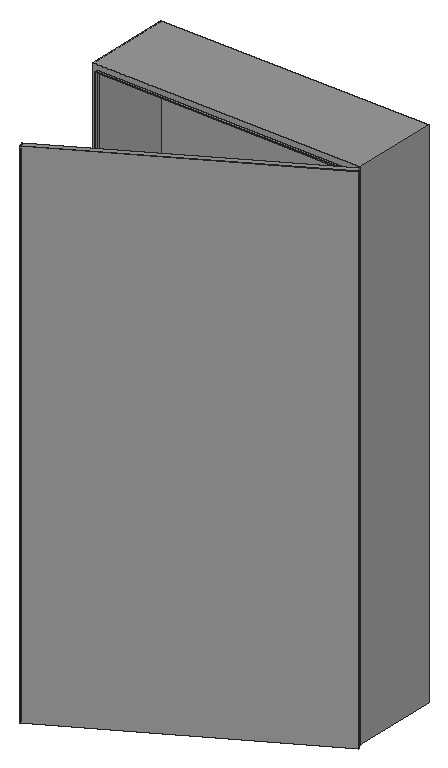
Revit family "Hager-Univers-IP55-D275-H1550-Cl.I-Steel_encl-NoHosted-CH-fr", category Electrical Equipment, Revit 2020
Family settings
  Panel Configuration = Two Columns, Circuits Across
  Round Connector Dimension = Use Diameter
  Part Type = Panelboard
  Work Plane-Based = Yes
  Always vertical = Yes
  Cut with Voids When Loaded = No
  Shared = No
  Room Calculation Point = No
Parameters (values of type "saillie IP55 L800 H1550 P275  - FR03E")
  Width Control [instance] = if([EF000008 - largeur] > Min Width, [EF000008 - largeur], Min Width)  # 800 mm
  Type Comments = [HG000003 - Gamme]  # "Univers"
  Thickness Door [instance] = if([EF009171 - épaisseur de matériau de la porte/du couvercle] > 3 mm, 3 mm, [EF009171 - épaisseur de matériau de la porte/du couvercle])  # 1.5 mm
  Seal Frame Offset [instance] = 17 mm  # constant formula
  Plinth Visibility [instance] = [HG000027 - Hauteur du socle] > 0 mm  # no
  Min Width [instance] = 100 mm  # constant formula
  Min Depth [instance] = (2 * [EF009170 - épaisseur de matériau du boîtier]) + 1 mm  # 4 mm
  Min Height [instance] = 100 mm  # constant formula
  Internal Frame Depth [instance] = (Door System Depth * 0.5)  # 9 mm
  Panel Name [instance] = ""  # (empty or 0)
  Model = ""
  HG000027 - Hauteur du socle = 0 mm
  HG000026 - Installation au sol = no
  HG000024 - Hauteur de la section basse = 600 mm
  HG000023 - Armoire double section = no
  HG000016 - Visibilité de la porte 3D [instance] = yes
  HG000015 - Visibilité de l'emprise de la porte [instance] = no
  HG000014 - Porte à droite [instance] = yes
  HG000013 - Porte à gauche [instance] = not([HG000014 - Porte à droite])  # no
  HG000012 - Angle de pivotement de la porte [instance] = 30.00°
  HG000010 - Portes asymétriques = no
  HG000009 - Porte à double battant = no
  HG000006 - Encastré = no
  HG000004 - Référence fabricant = "FR03E"
  HG000003 - Gamme = "Univers"
  HG000002 - avec porte = yes
  Frame Offset Bottom [instance] = 10 mm  # constant formula
  Frame Offset [instance] = 15 mm  # constant formula
  EF015940 - couvercle avec décharge de pression = no
  EF011959 - degré de protection (NEMA) = ""
  EF009554 - nombre d'ouvertures pour plaques à bride = 6
  EF009212 - finition du couvercle = "EV000116 - fermé"
  EF009171 - épaisseur de matériau de la porte/du couvercle = 1.5 mm
  EF009170 - épaisseur de matériau du boîtier = 1.5 mm
  EF008873 - courant nominal (In) = 800 A
  EF007800 - adapté à un parafoudre = no
  EF006306 - avec serrure = no
  EF006244 - couvercle/porte transparent(e) = no
  EF005474 - indice de protection (IP) = "EV006420 - IP55"
  EF004464 - type de porte = "EV002646 - unique"
  EF004427 - nombre de modules = 360
  EF004293 - indice de protection contre les chocs (IK) = "EV008784 - IK10"
  EF003532 - convient pour utilisation à l’extérieur = no
  EF002950 - largeur en nombre de modules = 24
  EF001613 - maintien de fonction = "EV000494 - sans"
  EF001596 - matériau du boîtier/corps = "EV000179 - acier"
  EF001131 - profondeur intérieure = 275 mm
  EF001088 - possibilité de montage en saillie = yes
  EF000437 - nombre d'entrées de conduit = 6
  EF000339 - type de capot = "EV004216 - porte"
  EF000266 - nombre de rangées = 10
  EF000218 - profondeur d'encastrement = 0 mm
  EF000118 - avec cadre/support de montage = no
  EF000116 - numéro RAL = "7035"
  EF000049 - profondeur = 275 mm
  EF000040 - hauteur = 1550 mm
  EF000008 - largeur = 800 mm
  EF000007 - couleur = "EV000270 - gris"
  EF000003 - mode de pose = "EV000384 - saillie"
  Door System Leaf Tolerance [instance] = 1.5 mm  # constant formula
  Door System Depth [instance] = 18 mm  # constant formula
  Door Height [instance] = Height Control - [HG000027 - Hauteur du socle]  # 1550 mm
  Description = ""
  Default Elevation = 1219.2 mm
  Connector Offset [instance] = Height Control / 2  # 775 mm
  Manufacturer = "Hager"  # constant formula
  Height Control [instance] = if([EF000040 - hauteur] > Min Height, [EF000040 - hauteur], Min Height)  # 1550 mm
  Depth Control [instance] = if([EF000049 - profondeur] > Min Depth, [EF000049 - profondeur], Min Depth)  # 275 mm
  Bottom Top Plate Trim [instance] = 1.5 mm  # constant formula
  Plinth height Ctrl [instance] = if([HG000027 - Hauteur du socle] > 0 mm, [HG000027 - Hauteur du socle], 12 mm)  # 12 mm
Types (5, lengths in mm): name | Width Control | HG000010 - Portes asymétriques | HG000009 - Porte à double battant | HG000004 - Référence fabricant | EF009554 - nombre d'ouvertures pour plaques à bride | EF004464 - type de porte | EF004427 - nombre de modules | EF000437 - nombre d'entrées de conduit | EF000008 - largeur
  saillie IP55 L1050 H1550 P275  - FR04E | 1050 | no | yes | "FR04E" | 8 | "EV003602 - double" | 480 | 8 | 1050
  saillie IP55 L1300 H1550 P275  - FR05E | 1300 | yes | yes | "FR05E" | 10 | "EV003602 - double" | 600 | 10 | 1300
  saillie IP55 L300 H1550 P275  - FR01E | 300 | no | no | "FR01E" | 2 | "EV002646 - unique" | 120 | 2 | 300
  saillie IP55 L550 H1550 P275  - FR02E | 550 | no | no | "FR02E" | 4 | "EV002646 - unique" | 240 | 4 | 550
  saillie IP55 L800 H1550 P275  - FR03E | 800 | no | no | "FR03E" | 6 | "EV002646 - unique" | 360 | 6 | 800
Reference planes
  plane 1 "Center (Front/Back)": y = 0
  plane 2: z = 0
  plane 3 "Center (Left/Right)": x = 0
  plane 4: y = 0
  plane 5: y = 0
  plane 6: z = 0
  plane 7: x = -400
  plane 8: x = 400
  plane 9: x = 398.5
  plane 10: x = -398.5
  plane 11: z = 0
  plane 12: z = 1.5
  plane 13: y = -275
  plane 14: y = -1.5
  plane 15: x = 0
  plane 16: y = -257
  plane 17: y = -273.5
  plane 18: y = -255.5
  plane 19: x = -383.5
  plane 20: x = 383.5
  plane 21: z = 11.5
  plane 22: x = -383
  plane 23: x = 383
  plane 24: z = 0
  plane 25: z = 1550
  plane 26: z = 1550
  plane 27: z = 1533.5
  plane 28: z = 1548.5
Forms (mm)
  Extrusion 1, solid, material "Hager_Steel_RAL7035_Light_Grey", detail levels medium+fine
    sketch origin (-208.679, -4572, 0) x (-1, 0, 0) y (0, -1, 0)
      loop
        line (191.321, -4315) -> (-608.679, -4315) -> (-608.679, -4572) -> (191.321, -4572) -> (191.321, -4315)
    from 0 to 1550
  Extrusion 2, void
    sketch origin (-350.771, -275, 1219.2) x (1, 0, 0) y (0, 0, 1)
      loop
        line (-47.729, 329.3) -> (-47.729, -1217.7) -> (749.271, -1217.7) -> (749.271, 329.3) -> (-47.729, 329.3)
    from -19.5 to -273.5
  Extrusion 3, void
    sketch origin (-290.084, -257, 1219.2) x (1, 0, 0) y (0, 0, 1)
      loop
        line (-93.416, -1207.7) -> (673.584, -1207.7) -> (673.584, 314.3) -> (-93.416, 314.3) -> (-93.416, -1207.7)
    from 0 to -1.5
  Extrusion 4, solid, material "Hager_Steel_RAL7035_Light_Grey", visible <- "Plinth Visibility", detail levels medium+fine
    sketch origin (0, 0, 0) x (1, 0, 0) y (0, 1, 0)
      loop
        line (-400, 0) -> (-400, -257) -> (400, -257) -> (400, 0) -> (-400, 0)
    from 0 to 12 <- "Plinth height Ctrl"
  Extrusion 5, solid, material "Hager_Steel_RAL7035_Light_Grey", detail levels coarse
    sketch origin (0, 0, 0) x (1, 0, 0) y (0, 1, 0)
      loop
        line (-400, 0) -> (-400, -275) -> (400, -275) -> (400, 0) -> (-400, 0)
    from 0 to 1550 <- "Height Control"
  Sweep 6, void
    path in 3D
      loop
        line (-400, -257, 12) -> (400, -257, 12) -> (400, 0, 12) -> (-400, 0, 12) -> (-400, -257, 12)
    profile origin (-400, -128.5, 12) x (1, 0, 0) y (0, 0, 1)
      loop
        line (0, 0) -> (0, -1.5) -> (1.5, -1.5)
        arc (1.5, -1.5) -> (1.061, -0.439) -> (0, 0) r 1.5
  Extrusion 7, solid, material "Hager_Steel_RAL7035_Light_Grey", detail levels fine
    sketch origin (-400, -257, 0) x (1, 0, 0) y (0, 0, 1)
      loop
        line (16.5, 11.5) -> (783.5, 11.5) -> (783.5, 1533.5) -> (16.5, 1533.5) -> (16.5, 11.5)
      loop
        line (15, 10) -> (785, 10) -> (785, 1535) -> (15, 1535) -> (15, 10)
    from 0 to 9 <- "Internal Frame Depth"
Cuts and joins
  Extrusion 2, Extrusion 3 cuts Extrusion 1
  Sweep 6 cuts Extrusion 4
Lines and regions (mm)
  Masking region 1
    outline origin (0, 0, 0) x (1, 0, 0) y (0, 1, 0)
      loop
        line (-400, 0) -> (-400, -275) -> (400, -275) -> (400, 0) -> (-400, 0)
  Masking region 2, detail levels coarse
    outline origin (-290.084, -257, 1219.2) x (-1, 0, 0) y (0, 0, 1)
      loop
        line (-690.084, -1219.2) -> (109.916, -1219.2) -> (109.916, 330.8) -> (-690.084, 330.8) -> (-690.084, -1219.2)
  Masking region 3, detail levels coarse
    outline origin (0, 0, 0) x (0, 1, 0) y (0, 0, 1)
      loop
        line (0, 0) -> (0, 1550) -> (-275, 1550) -> (-275, 0) -> (0, 0)
  Masking region 4, visible <- "Plinth Visibility", detail levels medium+fine
    outline origin (0, 0, 0) x (0, 1, 0) y (0, 0, 1)
      loop
        line (-1.5, 12) -> (-255.5, 12)
        arc (-255.5, 12) -> (-255.939, 10.939) -> (-257, 10.5) r 1.5
        line (-257, 10.5) -> (-257, 0) -> (0, 0) -> (0, 10.5)
        arc (0, 10.5) -> (-1.061, 10.939) -> (-1.5, 12) r 1.5
  Masking region 5, detail levels medium+fine
    outline origin (0, 0, 594.038) x (0, 1, 0) y (0, 0, 1)
      loop
        line (0, -594.038) -> (0, 955.962) -> (-257, 955.962) -> (-257, -594.038) -> (0, -594.038)
  Masking region 6, detail levels medium+fine
    outline origin (-359.7, -257, 1211.883) x (-1, 0, 0) y (0, 0, 1)
      loop
        line (-759.7, -1211.883) -> (40.3, -1211.883) -> (40.3, 338.117) -> (-759.7, 338.117) -> (-759.7, -1211.883)
  Masking region 7, visible <- "Plinth Visibility", detail levels medium+fine
    outline origin (-320.334, -257, 1041.368) x (-1, 0, 0) y (0, 0, 1)
      loop
        line (-720.334, -1041.368) -> (79.666, -1041.368) -> (79.666, -1030.868)
        arc (79.666, -1030.868) -> (78.606, -1030.429) -> (78.166, -1029.368) r 1.5
        line (78.166, -1029.368) -> (-718.834, -1029.368)
        arc (-718.834, -1029.368) -> (-719.273, -1030.429) -> (-720.334, -1030.868) r 1.5
        line (-720.334, -1030.868) -> (-720.334, -1041.368)
  sketch lines
    curve 1: line (-400, 0, 12) -> (-400, -257, 12)
    curve 2: line (-400, -257, 12) -> (400, -257, 12)
    curve 3: line (400, 0, 12) -> (-400, 0, 12)
    curve 4: line (400, -257, 12) -> (400, 0, 12)
Dimensions and locks
  locked: plane 1 "Center (Front/Back)" to plane 5
  "EF009170 - épaisseur de matériau du boîtier": plane 7 to plane 10
  "EF009170 - épaisseur de matériau du boîtier": plane 8 to plane 9
  equal spacing: plane 7, plane 3 "Center (Left/Right)", plane 8
  "Width Control": plane 7 to plane 8
  "Depth Control": plane 4 to plane 13
  "EF009170 - épaisseur de matériau du boîtier": plane 4 to plane 14
  "Height Control": plane 25 to level
  "HG000027 - Hauteur du socle": plane 11 to level
  "EF009170 - épaisseur de matériau du boîtier": plane 12 to plane 11
  "EF009170 - épaisseur de matériau du boîtier": plane 17 to plane 13
  "EF009170 - épaisseur de matériau du boîtier": plane 18 to plane 16
  "Frame Offset Bottom": plane 21 to plane 12
  "Frame Offset": plane 10 to plane 19
  "Frame Offset": plane 9 to plane 20
  "Door System Depth": plane 16 to plane 13
  "Seal Frame Offset": plane 7 to plane 22
  "Seal Frame Offset": plane 8 to plane 23
  "EF009170 - épaisseur de matériau du boîtier": plane 26 to plane 28
  "Frame Offset": plane 28 to plane 27
  "Connector Offset": plane 2 to connector elem
  "Bottom Top Plate Trim": profile plane to Sweep 6 sketch curve
  "Bottom Top Plate Trim": Sweep 6 sketch curve to Sweep 6 sketch curve
  "Plinth height Ctrl": Masking region 4 sketch curve to level
  "Plinth height Ctrl": Masking region 7 sketch curve to level
  "Thickness Door": Extrusion 7 sketch curve to Extrusion 7 sketch curve  (x4)
  "Bottom Top Plate Trim": radius of Sweep 6 sketch curve
  "Bottom Top Plate Trim": radius of Masking region 4 sketch curve  (x2)
  "Bottom Top Plate Trim": radius of Masking region 7 sketch curve  (x2)
  aligned and locked: Extrusion 2 sketch curve to plane 12
  aligned and locked: Extrusion 2 sketch curve to plane 9
  aligned and locked: Extrusion 2 sketch curve to plane 10
  aligned and locked: Extrusion 2 to plane 14
  aligned and locked: Extrusion 1 sketch curve to plane 4
  aligned and locked: plane 8 to Extrusion 1 sketch curve
  aligned and locked: plane 7 to Extrusion 1 sketch curve
  aligned and locked: Extrusion 2 to plane 18
  aligned and locked: Extrusion 3 sketch curve to plane 19
  aligned and locked: plane 20 to Extrusion 3 sketch curve
  aligned and locked: Extrusion 3 to Extrusion 2
  aligned and locked: Extrusion 3 sketch curve to plane 21
  aligned and locked: plane 3 "Center (Left/Right)" to nested 1
  aligned and locked: Extrusion 1 sketch curve to plane 16
  aligned and locked: Extrusion 4 sketch curve to cut or joined group of Extrusion 1, Extrusion 2, Extrusion 3
  aligned and locked: Masking region 1 sketch curve to plane 7
  aligned and locked: Masking region 1 sketch curve to plane 5
  aligned and locked: Masking region 1 sketch curve to plane 8
  aligned and locked: Masking region 2 sketch curve to level
  aligned and locked: level to Masking region 3 sketch curve
  aligned and locked: plane 1 "Center (Front/Back)" to Masking region 3 sketch curve
  aligned and locked: plane 13 to Masking region 3 sketch curve
  aligned and locked: plane 5 to Masking region 4 sketch curve
  aligned and locked: Masking region 2 sketch curve to plane 8
  aligned and locked: Masking region 2 sketch curve to plane 7
  aligned and locked: plane 7 to nested 2
  aligned and locked: nested 2 to plane 5
  aligned and locked: plane 5 to Masking region 5 sketch curve
  aligned and locked: plane 26 to Masking region 5 sketch curve
  aligned and locked: Extrusion 5 sketch curve to plane 8
  aligned and locked: Extrusion 5 sketch curve to plane 7
  aligned and locked: Extrusion 5 sketch curve to plane 5
  aligned and locked: Extrusion 3 sketch curve to plane 27
  aligned and locked: Extrusion 2 sketch curve to plane 28
  aligned and locked: Masking region 2 to plane 25
  aligned and locked: Extrusion 4 to plane 16
  aligned and locked: profile plane to Sweep 6 sketch curve
  aligned and locked: Masking region 5 sketch curve to plane 24
  aligned and locked: level to Masking region 4 sketch curve
  aligned and locked: Masking region 1 to plane 13
  aligned and locked: nested 1 to plane 16
  aligned and locked: Masking region 3 to plane 25
  aligned and locked: plane 16 to Masking region 4 sketch curve
  aligned and locked: Masking region 5 sketch curve to plane 16
  aligned and locked: plane 24 to plane 11
  aligned and locked: plane 26 to plane 25
  aligned and locked: plane 26 to cut or joined group of Extrusion 1, Extrusion 2, Extrusion 3
  aligned and locked: nested 1 to plane 24
  aligned and locked: Extrusion 1 to Extrusion 3
  aligned and locked: Masking region 6 sketch curve to plane 8
  aligned and locked: Masking region 6 sketch curve to plane 24
  aligned and locked: Masking region 6 sketch curve to plane 7
  aligned and locked: Masking region 6 sketch curve to plane 26
  aligned and locked: Masking region 7 sketch curve to plane 7
  aligned and locked: level to Masking region 7 sketch curve
  aligned and locked: Masking region 7 sketch curve to plane 8
  aligned and locked: Extrusion 7 sketch curve to cut or joined group of Extrusion 1, Extrusion 2, Extrusion 3  (x4)
Automatic sketch dimensions
  plane 19 to Extrusion 3 sketch curve = 0 mm
  Extrusion 3 sketch curve to plane 20 = 0 mm
  Extrusion 3 sketch curve to plane 21 = 0 mm
  Extrusion 4 sketch curve to plane 7 = 0 mm
  Extrusion 4 sketch curve to plane 8 = 0 mm
  Extrusion 4 sketch curve to plane 16 = 0 mm
  Masking region 1 sketch curve to plane 13 = 0 mm
  Masking region 2 sketch curve to plane 25 = 0 mm
  Masking region 3 sketch curve to plane 25 = 0 mm
  Extrusion 5 sketch curve to plane 13 = 0 mm
  profile plane to Sweep 6 sketch curve = 0 mm
Nested families
  nested 1: "EC000058_Univers_Door" at (0, -257, 0), Double <- "HG000009 - Porte à double battant", Transparent <- "EF006244 - couvercle/porte transparent(e)", Angle <- "HG000012 - Angle de pivotement de la porte", Door_Right <- "HG000014 - Porte à droite", Assymetrical <- "HG000010 - Portes asymétriques", Door <- "HG000002 - avec porte", Width_Ctrl <- "Width Control", 3d_Door <- "HG000016 - Visibilité de la porte 3D", Clearance <- "HG000015 - Visibilité de l'emprise de la porte", Door_Left <- "HG000013 - Porte à gauche", Width <- "Width Control", Door_Depth <- "Door System Depth", Leaf_Tolerance <- "Door System Leaf Tolerance", Height <- "Door Height", Lock_Visibility <- "EF006306 - avec serrure", Thickness <- "Thickness Door", type "EC000058_Univers_Door", detail levels medium+fine
    with min_wh 4 mm, Width_Ctrl 800 mm, Width 800 mm, Transparent no, Thickness 1.5 mm, Seal_Material Hager_Rubber, Lock_Visibility no, Lock_Material Hager_Plastic_RAL9005_Jet_Black, Leaf_Width 800 mm, Leaf_Tolerance_External_Sides 0 mm, Leaf_Tolerance 1.5 mm, Leaf_Offset 0 mm, Leaf_Height 1547 mm, Leaf_2_Width 800 mm, Leaf_2_Offset 400 mm, Leaf_1_Width 800 mm, Leaf_1_Offset 400 mm, Height_Ctrl 1550 mm, Height 1550 mm, Glass_Material Hager_Glass, Double_Clearance_Ctrl no, Double no, Door_Right_Ctrl yes, Door_Right yes, Door_Material Hager_Steel_RAL7035_Light_Grey, Door_Left_Ctrl no, Door_Left no, Door_Depth 18 mm, Door yes, Clearance_Material Hager_Clearance, Clearance_Depth 800 mm, Clearance_Ctrl no, Clearance no, Assymetrical no, Angle 30.00°, 3d_Door yes
  nested 2: "Hager_Enclosure_Symbol" at (-400, 0, 0), Height <- "Depth Control", Width <- "Width Control", type "Hager_Enclosure_Symbol"
    with Width_Ctrl 800 mm, Width 800 mm, Height_Ctrl 275 mm, Height 275 mm, A_Width_Int 18.047 mm, A_Width 216.562 mm, A_Height_Ctrl 240.625 mm, A_Height 240.625 mm
Connectors
  electrical at (0, 0, 775)
    settings: on plane 1 "Center (Front/Back)", index 1, voltage 0 V, apparent load 0 VA, apparent load phase1 0 VA, apparent load phase2 0 VA, apparent load phase3 0 VA, power factor 1, load classification "Other", number of poles 1, system type 30, power factor state 1, is connector primary yes, connector utility no, sub classification motor no, connector description ""
Definition of nested family "EC000058_Univers_Door"
  Parameters (values of type "EC000058_Univers_Door")
    min_wh [instance] = (2 * Thickness) + 1 mm  # 11 mm
    Width_Ctrl [instance] = 400 mm
    Width [instance] = 500 mm
    Transparent [instance] = yes
    Thickness [instance] = 5 mm
    Seal_Material [instance] = none
    Lock_Visibility [instance] = yes
    Lock_Material [instance] = none
    Leaf_Width [instance] = if((Width_Ctrl - 2 * Leaf_Tolerance_External_Sides) > 0 mm, (Width_Ctrl - 2 * Leaf_Tolerance_External_Sides), min_wh)  # 400 mm
    Leaf_Tolerance_External_Sides [instance] = 0 mm  # constant formula
    Leaf_Tolerance [instance] = 1.5 mm
    Leaf_Offset [instance] = 0 mm  # constant formula
    Leaf_Height [instance] = if((Height_Ctrl - 2 * Leaf_Tolerance) > 0 mm, (Height_Ctrl - 2 * Leaf_Tolerance), min_wh)  # 497 mm
    Leaf_2_Width [instance] = if(and(and(Double, Assymetrical), Door_Left), (Leaf_Width / 3) - (Leaf_Tolerance / 2), if(and(and(Double, Assymetrical), Door_Right), (Leaf_Width / 3) * 2 - (Leaf_Tolerance / 2), if(and(Double, not(Assymetrical)), (Leaf_Width / 2) - Leaf_Tolerance, Leaf_Width)))  # 400 mm
    Leaf_2_Offset [instance] = if(and(Double, Assymetrical), Leaf_2_Width / 2, if(and(Double, not(Assymetrical)), Leaf_Width / 4, Leaf_Width / 2))  # 200 mm
    Leaf_1_Width [instance] = if(and(and(Double, Assymetrical), Door_Right), (Leaf_Width / 3) - (Leaf_Tolerance / 2), if(and(and(Double, Assymetrical), Door_Left), (Width / 3) * 2 - (Leaf_Tolerance / 2), if(and(Double, not(Assymetrical)), (Leaf_Width / 2) - Leaf_Tolerance, Leaf_Width)))  # 400 mm
    Leaf_1_Offset [instance] = if(and(Double, Assymetrical), Leaf_1_Width / 2, if(and(Double, not(Assymetrical)), Leaf_Width / 4, Leaf_Width / 2))  # 200 mm
    Height_Ctrl [instance] = if(Height > min_wh, Height, min_wh)  # 500 mm
    Height [instance] = 500 mm
    Glass_Material [instance] = none
    Double_Clearance_Ctrl [instance] = and(Double, Clearance)  # no
    Double [instance] = no
    Door_Right_Ctrl [instance] = and(or(Door_Right, Double), Door)  # yes
    Door_Right [instance] = yes
    Door_Material [instance] = none
    Door_Left_Ctrl [instance] = and(or(Door_Left, Double), Door)  # no
    Door_Left [instance] = no
    Door_Depth [instance] = 30 mm
    Door [instance] = yes
    Default Elevation = 1219.2 mm
    Clearance_Material [instance] = none
    Clearance_Depth [instance] = if(Leaf_1_Width > Leaf_2_Width, Leaf_1_Width, Leaf_2_Width)  # 400 mm
    Clearance_Ctrl [instance] = and(not(Double), Clearance)  # yes
    Clearance [instance] = yes
    Assymetrical [instance] = yes
    Angle [instance] = 30.00°
    3d_Door [instance] = yes
  Reference planes
    plane 1 "Center (Front/Back)": y = 0
    plane 2 "Bottom": z = 0
    plane 3 "Center (Left/Right)": x = 0
    plane 4: z = 500
    plane 5: x = -200
    plane 6: x = 200
    plane 7: z = 500
    plane 8: x = -200
    plane 9: z = 0
    plane 10: x = 200
    plane 11: y = 0
    plane 12: z = 1.5
    plane 13: x = -600
    plane 14: y = -400
    plane 15: x = 600
    plane 16: x = 0
    plane 17: x = 0
    plane 18: x = -200
    plane 19: x = 200
    plane 20: z = 498.5
  Forms (mm)
    Extrusion 1, solid, material <- "Clearance_Material", visible <- "Double_Clearance_Ctrl"
      sketch origin (1200, 0, 0) x (1, 0, 0) y (0, 0, -1)
        loop
          line (-1800, -498.5) -> (-600, -498.5) -> (-600, 0) -> (-1800, 0) -> (-1800, -498.5)
      from 0 to -400
  Dimensions and locks
    equal spacing: plane 5, plane 3 "Center (Left/Right)", plane 6
    "Width_Ctrl": plane 5 to plane 6
    "Leaf_Offset": plane 5 to plane 8
    "Leaf_Offset": plane 6 to plane 10
    "Leaf_Offset": plane 9 to level
    "Leaf_Offset": plane 4 to plane 7
    "Height_Ctrl": plane 4 to level
    "Leaf_Tolerance": plane 12 to plane 9
    locked: plane 11 to plane 1 "Center (Front/Back)"
    "Leaf_1_Offset": plane 18 to plane 16
    "Leaf_2_Offset": plane 17 to plane 19
    "Leaf_1_Width": plane 13 to plane 8
    "Leaf_2_Width": plane 10 to plane 15
    "Clearance_Depth": plane 14 to plane 1 "Center (Front/Back)"
    "Leaf_Tolerance_External_Sides": plane 8 to plane 18
    "Leaf_Tolerance_External_Sides": plane 19 to plane 10
    "Leaf_Tolerance": plane 7 to plane 20
    aligned and locked: level to plane 2 "Bottom"
    aligned and locked: nested 1 to plane 16
    aligned and locked: nested 2 to plane 17
    aligned and locked: Extrusion 1 to plane 13
    aligned and locked: plane 15 to Extrusion 1
    aligned and locked: Extrusion 1 to plane 14
    aligned and locked: plane 12 to nested 1
    aligned and locked: nested 2 to plane 12
    aligned and locked: Extrusion 1 to plane 11
    aligned and locked: plane 20 to Extrusion 1
    aligned and locked: nested 2 to plane 11
    aligned and locked: nested 1 to plane 11
  Automatic sketch dimensions
    Extrusion 1 sketch curve to level = 0 mm
    plane 5 to Extrusion 1 sketch curve = 400 mm
    plane 6 to Extrusion 1 sketch curve = 400 mm
    Extrusion 1 sketch curve to plane 4 = 1.5 mm
  Nested families
    nested 1: "EC000058_Univers_Door_Leaf" at (0, 0, 1.5), Width <- "Leaf_1_Width", visible <- "Door_Left_Ctrl", Leaf_Height <- "Leaf_Height", Angle <- "Angle", 3d_Door <- "3d_Door", Transparent <- "Transparent", Clearance Material <- "Clearance_Material", Clearance <- "Clearance_Ctrl", Door_Material <- "Door_Material", Glass_Material <- "Glass_Material", Door_Depth <- "Door_Depth", Lock_Material <- "Lock_Material", Seal_Material <- "Seal_Material", Lock_Visibility <- "Lock_Visibility", Thickness <- "Thickness", type "EC000058_Univers_Door_Leaf"
      with Width 400 mm, Transparent_Glass_Offset 30 mm, Transparent_Ctrl yes, Transparent yes, Thickness 5 mm, Standard no, Seal_Material none, Seal_D2 8 mm, Seal_D1 1 mm, Offset_Internal_Frame 10 mm, Lock_Width 20 mm, Lock_Visibility_3d yes, Lock_Visibility yes, Lock_Thickness_3 3 mm, Lock_Thickness_2 1 mm, Lock_Thickness_1 3 mm, Lock_Radius_Offset_2 16 mm, Lock_Radius_Offset_1 15 mm, Lock_Radius_2 5 mm, Lock_Radius 6 mm, Lock_Offset 5 mm, Lock_Material none, Lock_Height 80 mm, Lock_Cover_Top_Offset_2d 17 mm, Lock_Cover_Height -65 mm, Leaf_Height 497 mm, Internal_Seal_Thickness 8 mm, Internal_Seal_Depth_2 4.5 mm, Internal_Frame_Depth 25 mm, Glass_Thickness -1 mm, Glass_Offset -2 mm, Glass_Material none, Door_Material none, Door_Depth 30 mm, Clearance Material none, Clearance yes, Angle_Ctrl 30.00°, Angle 30.00°, 3d_Door yes
    nested 2: "EC000058_Univers_Door_Leaf" at (0, 0, 1.5) x (-1, 0, 0) z (0, 0, 1), Width <- "Leaf_2_Width", visible <- "Door_Right_Ctrl", Leaf_Height <- "Leaf_Height", Angle <- "Angle", 3d_Door <- "3d_Door", Transparent <- "Transparent", Clearance Material <- "Clearance_Material", Clearance <- "Clearance_Ctrl", Door_Material <- "Door_Material", Glass_Material <- "Glass_Material", Door_Depth <- "Door_Depth", Lock_Material <- "Lock_Material", Seal_Material <- "Seal_Material", Lock_Visibility <- "Lock_Visibility", Thickness <- "Thickness", type "EC000058_Univers_Door_Leaf"
      with Width 400 mm, Transparent_Glass_Offset 30 mm, Transparent_Ctrl yes, Transparent yes, Thickness 5 mm, Standard no, Seal_Material none, Seal_D2 8 mm, Seal_D1 1 mm, Offset_Internal_Frame 10 mm, Lock_Width 20 mm, Lock_Visibility_3d yes, Lock_Visibility yes, Lock_Thickness_3 3 mm, Lock_Thickness_2 1 mm, Lock_Thickness_1 3 mm, Lock_Radius_Offset_2 16 mm, Lock_Radius_Offset_1 15 mm, Lock_Radius_2 5 mm, Lock_Radius 6 mm, Lock_Offset 5 mm, Lock_Material none, Lock_Height 80 mm, Lock_Cover_Top_Offset_2d 17 mm, Lock_Cover_Height -65 mm, Leaf_Height 497 mm, Internal_Seal_Thickness 8 mm, Internal_Seal_Depth_2 4.5 mm, Internal_Frame_Depth 25 mm, Glass_Thickness -1 mm, Glass_Offset -2 mm, Glass_Material none, Door_Material none, Door_Depth 30 mm, Clearance Material none, Clearance yes, Angle_Ctrl 30.00°, Angle 30.00°, 3d_Door yes
  Definition of nested family "EC000058_Univers_Door_Leaf"
    Parameters (values of type "EC000058_Univers_Door_Leaf")
      Width [instance] = 2000 mm
      Transparent_Glass_Offset [instance] = 30 mm
      Transparent_Ctrl [instance] = and(Transparent, [3d_Door])  # yes
      Transparent [instance] = yes
      Thickness [instance] = 5 mm
      Standard [instance] = and(not(Transparent), [3d_Door])  # no
      Seal_Material [instance] = none
      Seal_D2 [instance] = 8 mm  # constant formula
      Seal_D1 [instance] = 1 mm  # constant formula
      Offset_Internal_Frame [instance] = 10 mm  # constant formula
      Lock_Width [instance] = 20 mm  # constant formula
      Lock_Visibility_3d [instance] = and(Lock_Visibility, [3d_Door])  # yes
      Lock_Visibility [instance] = yes
      Lock_Thickness_3 [instance] = 3 mm  # constant formula
      Lock_Thickness_2 [instance] = 1 mm  # constant formula
      Lock_Thickness_1 [instance] = 3 mm  # constant formula
      Lock_Radius_Offset_2 [instance] = Lock_Radius_Offset_1 + 1 mm  # 16 mm
      Lock_Radius_Offset_1 [instance] = 15 mm  # constant formula
      Lock_Radius_2 [instance] = Lock_Radius - 1 mm  # 5 mm
      Lock_Radius [instance] = 6 mm  # constant formula
      Lock_Offset [instance] = 5 mm  # constant formula
      Lock_Material [instance] = none
      Lock_Height [instance] = 80 mm  # constant formula
      Lock_Cover_Top_Offset_2d [instance] = Lock_Radius_Offset_2 + 1 mm  # 17 mm
      Lock_Cover_Height [instance] = -(Lock_Height - Lock_Radius_Offset_1)  # -65 mm
      Leaf_Height [instance] = 2720.336 mm
      Internal_Seal_Thickness [instance] = 8 mm  # constant formula
      Internal_Seal_Depth_2 [instance] = 4.5 mm  # constant formula
      Internal_Frame_Depth [instance] = if(Door_Depth - Thickness > 5 mm, Door_Depth - Thickness, 5 mm)  # 25 mm
      Glass_Thickness [instance] = if(Thickness > 15 mm, Glass_Offset + 10 mm, -1 mm)  # -1 mm
      Glass_Offset [instance] = if(Thickness > 15 mm, -(Thickness + 10 mm) / 2, -2 mm)  # -2 mm
      Glass_Material [instance] = none
      Door_Material [instance] = none
      Door_Depth [instance] = 30 mm
      Default Elevation = 0 mm
      Clearance Material [instance] = none
      Clearance [instance] = yes
      Angle_Ctrl [instance] = if(Angle > 180.00°, 180.00°, Angle)  # 90.00°
      Angle [instance] = 90.00°
      3d_Door [instance] = yes
    Reference planes
      plane 1 "Center (Front/Back)": y = 0
      plane 2: z = 0
      plane 3 "Center (Left/Right)": x = 0
      plane 4: y = 2000
      plane 5: x = -1000
      plane 6: x = 1000
      plane 7: x = -3000
      plane 8: z = 2720.336
      plane 9: z = 30
      plane 10: z = 2690.336
      plane 11: x = 970
      plane 12: x = -970
      plane 13: y = -3
      plane 14: z = 107.833
      plane 15: y = -5
      plane 16: y = -223.314
      plane 17: x = -1000
      plane 18: z = 1360.168
      plane 19: y = 30
    Forms (mm)
      Extrusion 1, solid, material <- "Clearance Material", visible <- "Clearance"
        sketch origin (0, 0, 0) x (1, 0, 0) y (0, 0, 1)
          loop
            line (-3000, 2720.336) -> (-3000, 0) -> (1000, 0) -> (1000, 2720.336) -> (-3000, 2720.336)
        from 0 to -2000
      Extrusion 2, solid, material <- "Door_Material", visible <- "Standard", detail levels medium+fine
        sketch origin (-1000, 0, 0) x (0, 1, 0) y (-1, 0, 0)
          loop
            line (0, 30) -> (0, 25) -> (2000, 25) -> (2000, 30) -> (0, 30)
        from 0 to 2720.336 <- "Leaf_Height"
      Extrusion 3, solid, material <- "Door_Material", visible <- "Transparent_Ctrl", detail levels medium+fine
        sketch origin (-1000, 0, 0) x (0, 1, 0) y (-1, 0, 0)
          loop
            line (0, 25) -> (2000, 25) -> (2000, 30) -> (0, 30) -> (0, 25)
        from 0 to 2720.336 <- "Leaf_Height"
      Extrusion 4, void
        sketch origin (-1025, 2000, 0) x (0, 1, 0) y (0, 0, -1)
          loop
            line (-30, -2690.336) -> (-30, -30) -> (-1970, -30) -> (-1970, -2690.336) -> (-30, -2690.336)
        from 0 to 5 <- "Thickness"
      Sweep 5, solid, material <- "Seal_Material", visible <- "Transparent_Ctrl", detail levels fine
        path in 3D
          loop
            line (-1025, 30, 30) -> (-1025, 30, 2690.336) -> (-1025, 1970, 2690.336) -> (-1025, 1970, 30) -> (-1025, 30, 30)
        profile origin (-1025, 1000, 30) x (1, 0, 0) y (0, 0, 1)
          loop
            line (0, 0) -> (0, -8) -> (1, -8) -> (1, 0) -> (0, 0)
      Extrusion 6, solid, material <- "Glass_Material", visible <- "Transparent_Ctrl", detail levels medium+fine
        sketch origin (-1030, 0, 0) x (0, 1, 0) y (0, 0, -1)
          loop
            line (1970, -2690.336) -> (1970, -30) -> (30, -30) -> (30, -2690.336) -> (1970, -2690.336)
        from -2 <- "Glass_Offset" to -1 <- "Glass_Thickness"
      Extrusion 7, solid, material <- "Door_Material", visible <- "3d_Door", detail levels medium+fine
        sketch origin (-1025, 2000, 0) x (0, -1, 0) y (0, 0, -1)
          loop
            line (0, -2720.336) -> (2000, -2720.336) -> (2000, 0) -> (0, 0) -> (0, -2720.336)
          loop
            line (1995, -5) -> (5, -5) -> (5, -2715.336) -> (1995, -2715.336) -> (1995, -5)
        from 0 to 25 <- "Internal_Frame_Depth"
      Sweep 8, solid, material <- "Seal_Material", visible <- "Transparent_Ctrl", detail levels fine
        path in 3D
          loop
            line (-1025, 0, 0) -> (-1025, 2000, 0) -> (-1025, 2000, 2720.336) -> (-1025, 0, 2720.336) -> (-1025, 0, 0)
        profile origin (-1025, 0, 1360.168) x (1, 0, 0) y (0, 1, 0)
          loop
            line (0, 10) -> (2.975, 10)
            arc (2.975, 10) -> (4.053, 10.447) -> (4.5, 11.525) r 1.525
            line (4.5, 11.525) -> (4.5, 16.527)
            arc (4.5, 16.527) -> (4.069, 17.569) -> (3.027, 18) r 1.473
            line (3.027, 18) -> (0, 18) -> (0, 10)
      Extrusion 9, solid, material <- "Lock_Material", visible <- "Lock_Visibility_3d", detail levels fine
        sketch origin (-1030, 0, 0) x (0, 1, 0) y (0, 0, -1)
          loop
            arc (1993.5, -1400.168) -> (1994.561, -1399.729) -> (1995, -1398.668) r 1.5
            line (1995, -1398.668) -> (1995, -1320.168) -> (1975, -1320.168) -> (1975, -1398.668)
            arc (1975, -1398.668) -> (1975.439, -1399.729) -> (1976.5, -1400.168) r 1.5
            line (1976.5, -1400.168) -> (1993.5, -1400.168)
        from 3 <- "Lock_Thickness_1" to 0
      Blend 10, solid, material <- "Lock_Material", visible <- "Lock_Visibility_3d", detail levels fine
        base sketch origin (-1033, 0, 0) x (0, 1, 0) y (0, 0, -1)
          loop
            line (1975, -1320.168) -> (1975, -1398.668)
            arc (1975, -1398.668) -> (1975.439, -1399.729) -> (1976.5, -1400.168) r 1.5
            line (1976.5, -1400.168) -> (1993.5, -1400.168)
            arc (1993.5, -1400.168) -> (1994.561, -1399.729) -> (1995, -1398.668) r 1.5
            line (1995, -1398.668) -> (1995, -1320.168) -> (1975, -1320.168)
        top sketch origin (-1033, 0, 0) x (0, 1, 0) y (0, 0, -1)
          loop
            line (1976, -1320.168) -> (1976, -1398.668)
            arc (1976, -1398.668) -> (1976.146, -1399.022) -> (1976.5, -1399.168) r 0.5
            line (1976.5, -1399.168) -> (1993.5, -1399.168)
            arc (1993.5, -1399.168) -> (1993.854, -1399.022) -> (1994, -1398.668) r 0.5
            line (1994, -1398.668) -> (1994, -1320.168) -> (1976, -1320.168)
        from 0 to 1 <- "Lock_Thickness_2"
      Blend 11, solid, material <- "Lock_Material", visible <- "Lock_Visibility_3d", detail levels fine
        base sketch origin (-1034, 0, 0) x (0, 1, 0) y (0, 0, -1)
          loop
            line (1978, -1320.168) -> (1978, -1384.168)
            arc (1978, -1384.168) -> (1985, -1391.168) -> (1992, -1384.168) r 7
            line (1992, -1384.168) -> (1992, -1320.168) -> (1978, -1320.168)
        top sketch origin (-1034, 0, 0) x (0, 1, 0) y (0, 0, -1)
          loop
            line (1991, -1320.168) -> (1979, -1320.168) -> (1979, -1383.168)
            arc (1979, -1383.168) -> (1985, -1389.168) -> (1991, -1383.168) r 6
            line (1991, -1383.168) -> (1991, -1320.168)
        from 0 to 3 <- "Lock_Thickness_3"
      Extrusion 12, solid, material <- "Lock_Material", visible <- "Lock_Visibility_3d", detail levels fine
        sketch origin (-1030, 1975, 1320.168) x (1, 0, 0) y (0, -1, 0)
          loop
            line (-7, -19) -> (-7, -1) -> (0, -1) -> (0, 0) -> (-8, 0) -> (-8, -20) -> (0, -20) -> (0, -19) -> (-7, -19)
        from 0 to -65 <- "Lock_Cover_Height"
      Extrusion 13, void
        sketch origin (-1038, 1995, 1320.168) x (-1, 0, 0) y (0, 0, -1)
          loop
            line (-5, -65) -> (0, -65) -> (-5, -60) -> (-5, -65)
        from 0 to 20 <- "Lock_Width"
      Extrusion 14, void
        sketch origin (-1038, 1975, 1320.168) x (0, -1, 0) y (0, 0, -1)
          loop
            circle (-10, -15.995) r 6
          loop
            circle (-10, -15.995) r 5
        from 0 to 2
      Extrusion 15, solid, material <- "Lock_Material", visible <- "Lock_Visibility_3d", detail levels medium
        sketch origin (-1030, 0, 0) x (0, 1, 0) y (0, 0, -1)
          loop
            arc (1993.5, -1400.168) -> (1994.561, -1399.729) -> (1995, -1398.668) r 1.5
            line (1995, -1398.668) -> (1995, -1320.168) -> (1975, -1320.168) -> (1975, -1398.668)
            arc (1975, -1398.668) -> (1975.439, -1399.729) -> (1976.5, -1400.168) r 1.5
            line (1976.5, -1400.168) -> (1993.5, -1400.168)
        from 8 to 0
    Cuts and joins
      Extrusion 4 cuts Extrusion 3
      Extrusion 13, Extrusion 14 cuts Extrusion 9
      Extrusion 14 cuts Blend 11
      Extrusion 13, Extrusion 14 cuts Extrusion 12
      joined: Extrusion 9, Blend 10, Blend 11, Extrusion 12
      Extrusion 14 cuts Extrusion 15
    Lines and regions (mm)
      Masking region 1, visible <- "Lock_Visibility", detail levels fine
        outline origin (0, 0, 0) x (0, 1, 0) y (0, 0, 1)
          loop
            line (30, 1320.168) -> (33, 1320.168) -> (33, 1400.168) -> (30, 1400.168) -> (30, 1320.168)
      Masking region 2, visible <- "Lock_Visibility", detail levels fine
        outline origin (0, 3.143, 0) x (0, 1, 0) y (0, 0, 1)
          loop
            line (29.857, 1354.168) -> (30.857, 1354.168) -> (30.857, 1366.168) -> (29.857, 1366.168) -> (29.857, 1354.168)
      Masking region 3, detail levels medium+fine
        outline origin (0, 0, 0) x (0, 1, 0) y (0, 0, 1)
          loop
            line (0, 0) -> (30, 0) -> (30, 2720.336) -> (0, 2720.336) -> (0, 0)
      Masking region 4, detail levels medium+fine
        outline origin (0, 0, 0) x (1, 0, 0) y (0, 0, 1)
          loop
            line (-1000, 2720.336) -> (-1000, 0) -> (1000, 0) -> (1000, 2720.336) -> (-1000, 2720.336)
      Masking region 5, visible <- "Lock_Visibility", detail levels fine
        outline origin (-47.116, 0, 0) x (1, 0, 0) y (0, 0, 1)
          loop
            arc (1024.616, 1399.168) -> (1023.556, 1398.729) -> (1023.116, 1397.668) r 1.5
            line (1023.116, 1397.668) -> (1023.116, 1320.168) -> (1041.116, 1320.168) -> (1041.116, 1397.668)
            arc (1041.116, 1397.668) -> (1040.677, 1398.729) -> (1039.616, 1399.168) r 1.5
            line (1039.616, 1399.168) -> (1024.616, 1399.168)
      Masking region 6, visible <- "Lock_Visibility", detail levels medium+fine
        outline origin (-25, 0, 0) x (1, 0, 0) y (0, 0, 1)
          loop
            arc (1001.5, 1400.168) -> (1000.439, 1399.729) -> (1000, 1398.668) r 1.5
            line (1000, 1398.668) -> (1000, 1320.168) -> (1020, 1320.168) -> (1020, 1398.668)
            arc (1020, 1398.668) -> (1019.561, 1399.729) -> (1018.5, 1400.168) r 1.5
            line (1018.5, 1400.168) -> (1001.5, 1400.168)
      Masking region 7, visible <- "Lock_Visibility", detail levels fine
        outline origin (-73.735, 0, 0) x (1, 0, 0) y (0, 0, 1)
          loop
            line (1051.735, 1382.168) -> (1065.735, 1382.168) -> (1065.735, 1384.168)
            arc (1065.735, 1384.168) -> (1058.735, 1391.168) -> (1051.735, 1384.168) r 7
            line (1051.735, 1384.168) -> (1051.735, 1382.168)
      Masking region 8, visible <- "Lock_Visibility", detail levels fine
        outline origin (-73.735, 0, 0) x (1, 0, 0) y (0, 0, 1)
          loop
            line (1052.735, 1382.168) -> (1064.735, 1382.168) -> (1064.735, 1383.168)
            arc (1064.735, 1383.168) -> (1058.735, 1389.168) -> (1052.735, 1383.168) r 6
            line (1052.735, 1383.168) -> (1052.735, 1382.168)
      Masking region 9, visible <- "Lock_Visibility", detail levels fine
        outline origin (-25, 0, 0) x (1, 0, 0) y (0, 0, 1)
          loop
            line (1020, 1320.168) -> (1020, 1382.168) -> (1000, 1382.168) -> (1000, 1320.168) -> (1020, 1320.168)
      Masking region 10, detail levels medium+fine
        outline origin (0, 0, 0) x (1, 0, 0) y (0, 0, 1)
          loop
            circle (985, 1335.144) r 6
      Masking region 11, detail levels fine
        outline origin (0, 0, 0) x (1, 0, 0) y (0, 0, 1)
          loop
            circle (985, 1335.144) r 5
      Masking region 12, visible <- "Lock_Visibility", detail levels fine
        outline origin (0, 12.767, 0) x (0, 1, 0) y (0, 0, 1)
          loop
            line (20.233, 1320.168) -> (21.233, 1320.168) -> (21.233, 1399.168) -> (20.233, 1400.168) -> (20.233, 1320.168)
      Masking region 13, visible <- "Lock_Visibility", detail levels fine
        outline origin (0, 13.767, -10) x (0, 1, 0) y (0, 0, 1)
          loop
            line (20.233, 1330.168) -> (23.233, 1330.168) -> (23.233, 1399.168) -> (20.233, 1402.168) -> (20.233, 1330.168)
      Masking region 14, visible <- "Lock_Visibility", detail levels fine
        outline origin (0, 12.767, -10) x (0, 1, 0) y (0, 0, 1)
          loop
            line (20.233, 1330.168) -> (25.233, 1330.168) -> (25.233, 1399.305) -> (20.233, 1394.305) -> (20.233, 1330.168)
      Masking region 15, visible <- "Lock_Visibility", detail levels medium
        outline origin (0, 0, 0) x (0, 1, 0) y (0, 0, 1)
          loop
            line (30, 1320.168) -> (38, 1320.168) -> (38, 1400.168) -> (30, 1400.168) -> (30, 1320.168)
      Masking region 16, visible <- "Lock_Visibility", detail levels fine
        outline origin (-1000, 0, 0) x (0, 1, 0) y (-1, 0, 0)
          loop
            line (1975, 30) -> (1995, 30) -> (1995, 38) -> (1975, 38) -> (1975, 30)
          loop
            line (1979, 37) -> (1976, 37) -> (1976, 34) -> (1978, 34) -> (1979, 37)
          loop
            line (1994, 37) -> (1991, 37) -> (1992, 34) -> (1994, 34) -> (1994, 37)
      Masking region 17, visible <- "Lock_Visibility", detail levels medium
        outline origin (-1000, 0, 0) x (0, 1, 0) y (-1, 0, 0)
          loop
            line (1975, 30) -> (1995, 30) -> (1995, 38) -> (1975, 38) -> (1975, 30)
      symbolic lines
        curve 1: line (1000, 0, 0) -> (-3000, 0, 0)
        curve 2: arc (1000, 0, 0) -> (-1000, 2000, 0) -> (-3000, 0, 0) r 2000
        curve 4: line (-1030, 0, 0) -> (-1030, 2000, 0)
      reference lines
        curve 3: line (-1000, 0, 0) -> (-1000, 2000, 0)
      symbolic lines, detail levels medium+fine
        curve 5: line (-1030, 2000, 0) -> (-1025, 2000, 0)
        curve 7: line (-1025, 0, 0) -> (-1030, 0, 0)
        curve 8: line (-1025, 0, 0) -> (-1000, 0, 0)
        curve 9: line (-1000, 0, 0) -> (-1000, 2000, 0)
        curve 10: line (-1000, 2000, 0) -> (-1025, 2000, 0)
      symbolic lines, detail levels fine
        curve 6: line (-1025, 2000, 0) -> (-1025, 0, 0)
      sketch lines
        curve 11: line (-1025, 0, 2720.336) -> (-1025, 0, 0)
        curve 12: line (-1025, 2000, 0) -> (-1025, 0, 0)
        curve 13: line (-1025, 2000, 2720.336) -> (-1025, 2000, 0)
        curve 14: line (-1025, 0, 2720.336) -> (-1025, 2000, 2720.336)
        curve 15: line (-1025, 1970, 30) -> (-1025, 30, 30)
        curve 16: line (-1025, 30, 30) -> (-1025, 30, 2690.336)
        curve 17: line (-1025, 1970, 2690.336) -> (-1025, 1970, 30)
        curve 18: line (-1025, 30, 2690.336) -> (-1025, 1970, 2690.336)
      symbolic lines, visible <- "Transparent", detail levels medium+fine
        curve 19: line (-970, 0, 2690.336) -> (970, 0, 2690.336)
        curve 20: line (-970, 0, 30) -> (-970, 0, 2690.336)
        curve 21: line (970, 0, 30) -> (-970, 0, 30)
        curve 22: line (970, 0, 2690.336) -> (970, 0, 30)
    Dimensions and locks
      "Width": plane 1 "Center (Front/Back)" to plane 4
      equal spacing: plane 5, plane 3 "Center (Left/Right)", plane 6
      "Width": plane 5 to plane 6
      "Width": plane 7 to plane 5
      "Leaf_Height": plane 8 to level
      "Width": curve 5 to curve 3
      "Width": curve 3 to curve 3
      plane 8 to plane 10 = 30 mm
      plane 9 to level = 30 mm
      plane 12 to plane 5 = 30 mm
      plane 6 to plane 11 = 30 mm
      Extrusion 1 to Extrusion 4 sketch curve = 30 mm
      "Transparent_Glass_Offset": curve 3 to Extrusion 4 sketch curve
      "Transparent_Glass_Offset": Extrusion 4 sketch curve to cut or joined group of Extrusion 3, Extrusion 4  (x2)
      cut or joined group of Extrusion 3, Extrusion 4 to Extrusion 6 sketch curve = 30 mm
      "Transparent_Glass_Offset": cut or joined group of Extrusion 3, Extrusion 4 to Extrusion 4 sketch curve
      "Thickness": curve 6 to curve 4
      "Thickness": Extrusion 7 sketch curve to Extrusion 7 sketch curve  (x4)
      "Door_Depth": curve 4 to curve 3
      "Offset_Internal_Frame": profile plane to Sweep 8 sketch curve
      "Internal_Seal_Thickness": Sweep 8 sketch curve to Sweep 8 sketch curve
      "Internal_Seal_Depth_2": profile plane to Sweep 8 sketch curve
      "Seal_D1": profile plane to Sweep 5 sketch curve
      "Seal_D2": profile plane to Sweep 5 sketch curve
      "Thickness": Extrusion 2 sketch curve to Extrusion 2 sketch curve
      equal spacing: Extrusion 9 sketch curve, plane 18, Extrusion 9 sketch curve  (x2)
      equal spacing: Masking region 1 sketch curve, plane 18, Masking region 1 sketch curve
      "Lock_Height": Masking region 1 sketch curve to Masking region 1 sketch curve
      "Lock_Radius": Masking region 2 sketch curve to plane 18 to Masking region 2 sketch curve
      Masking region 2 sketch curve to Masking region 1 = 1 mm
      "Door_Depth": plane 19 to plane 1 "Center (Front/Back)"
      "Lock_Thickness_1": Masking region 1 sketch curve to plane 19
      "Lock_Width": Extrusion 9 sketch curve to Extrusion 9 sketch curve
      "Lock_Height": Extrusion 9 sketch curve to Extrusion 9 sketch curve
      "Lock_Offset": cut or joined group of Extrusion 3, Extrusion 4 to Extrusion 9 sketch curve
      equal spacing: plane 8, plane 18, level
      "Lock_Radius_Offset_1": Blend 11 sketch curve to Blend 10
      locked: Blend 10 to Blend 11 sketch curve at 2  (x2)
      locked: var sketch to Blend 11 sketch curve at 1  (x2)
      "Lock_Radius_Offset_2": Blend 11 sketch curve to Blend 10
      locked: Extrusion 12 sketch curve to Extrusion 12 sketch curve at 1  (x3)
      Masking region 6 sketch curve to Masking region 6 sketch curve = 80 mm
      "Lock_Height": Masking region 6 sketch curve to Masking region 6 sketch curve
      "Lock_Width": Masking region 6 sketch curve to Masking region 6 sketch curve
      locked: Masking region 6 to Masking region 5 sketch curve at 1  (x3)
      locked: Masking region 5 to Masking region 7 sketch curve at 2  (x2)
      "Lock_Radius_Offset_1": Masking region 5 to Masking region 7 sketch curve
      "Lock_Radius_Offset_2": Masking region 5 to Masking region 8 sketch curve
      locked: Masking region 7 to Masking region 8 sketch curve at 1  (x2)
      "Lock_Cover_Top_Offset_2d": Masking region 5 to Masking region 9 sketch curve
      equal spacing: Masking region 9, Masking region 10 sketch curve, Masking region 9
      equal spacing: Masking region 9, Masking region 11 sketch curve, Masking region 9
      Extrusion 15 sketch curve to Extrusion 15 sketch curve = 80 mm
      "Lock_Width": Extrusion 15 sketch curve to Extrusion 15 sketch curve
      "Lock_Height": Extrusion 15 sketch curve to Extrusion 15 sketch curve
      equal spacing: Extrusion 15 sketch curve, plane 18, Extrusion 15 sketch curve
      "Lock_Thickness_3": Masking region 13 sketch curve to Masking region 13 sketch curve
      "Lock_Height": Masking region 12 sketch curve to Masking region 12 sketch curve
      locked: Masking region 13 sketch curve to Masking region 1 at 8
      locked: Masking region 14 sketch curve to Masking region 13 at 1
      locked: Masking region 14 sketch curve to Masking region 1 at 10.863
      "Lock_Height": Masking region 15 sketch curve to Masking region 15 sketch curve
      "Lock_Offset": Extrusion 15 sketch curve to cut or joined group of Extrusion 3, Extrusion 4
      "Lock_Offset": plane 6 to Masking region 6 sketch curve
      radius of Sweep 8 sketch curve = 1.525 mm
      radius of Sweep 8 sketch curve = 1.473 mm
      radius of Extrusion 9 sketch curve = 1.5 mm  (x2)
      "Lock_Radius": radius of Extrusion 14 sketch curve
      "Lock_Radius_2": radius of Extrusion 14 sketch curve
      "Lock_Radius": radius of Masking region 10 sketch curve
      "Lock_Radius_2": radius of Masking region 11 sketch curve
      radius of Extrusion 15 sketch curve = 1.5 mm  (x2)
      "Angle_Ctrl": angle plane 1 "Center (Front/Back)" to curve 3
      locked: Masking region 12 sketch curve to Masking region 12 sketch curve (angle 45.00°)
      locked: Masking region 13 sketch curve to Masking region 13 sketch curve (angle 45.00°)
      locked: Masking region 14 sketch curve to Masking region 14 sketch curve (angle 45.00°)
      aligned and locked: level to plane 2
      aligned and locked: Extrusion 1 to curve 1
      aligned and locked: plane 6 to Extrusion 1
      aligned and locked: Extrusion 1 to plane 1 "Center (Front/Back)"
      aligned and locked: plane 4 to Extrusion 1
      aligned and locked: plane 8 to Extrusion 1
      aligned and locked: curve 7 to Extrusion 2 sketch curve
      aligned and locked: curve 5 to Extrusion 2 sketch curve
      aligned and locked: curve 7 to Extrusion 3 sketch curve
      aligned and locked: Extrusion 3 sketch curve to curve 4
      aligned and locked: Extrusion 3 sketch curve to curve 6
      aligned and locked: Extrusion 3 sketch curve to curve 5
      aligned and locked: curve 9 to curve 3
      aligned and locked: Extrusion 7 sketch curve to cut or joined group of Extrusion 3, Extrusion 4  (x4)
      aligned and locked: plane 17 to curve 3
      aligned and locked: plane 1 "Center (Front/Back)" to curve 3
      aligned and locked: plane 17 to plane 5
      aligned and locked: Sweep 8 sketch curve to profile plane
      aligned and locked: Sweep 5 sketch curve to profile plane  (x2)
      aligned and locked: Masking region 1 to Masking region 2 sketch curve
      aligned and locked: plane 19 to Masking region 1 sketch curve
      aligned and locked: plane 1 "Center (Front/Back)" to Masking region 3 sketch curve
      aligned and locked: plane 19 to Masking region 3 sketch curve
      aligned and locked: level to Masking region 3 sketch curve
      aligned and locked: Masking region 3 sketch curve to plane 8
      aligned and locked: plane 17 to Masking region 4 sketch curve
      aligned and locked: level to Masking region 4 sketch curve
      aligned and locked: Masking region 4 sketch curve to plane 8
      aligned and locked: plane 12 to curve 20
      aligned and locked: plane 10 to curve 19
      aligned and locked: plane 11 to curve 22
      aligned and locked: curve 21 to plane 9
      aligned and locked: Extrusion 2 sketch curve to cut or joined group of Extrusion 3, Extrusion 4
      aligned and locked: Blend 10 sketch curve to Extrusion 9  (x4)
      aligned and locked: Extrusion 9 to Blend 10 sketch curve
      aligned and locked: Blend 10 to Blend 11 sketch curve
      aligned and locked: Extrusion 12 sketch curve to Blend 11
      aligned and locked: Extrusion 12 sketch curve to Extrusion 9  (x4)
      aligned and locked: Masking region 5 sketch curve to Masking region 6
      aligned and locked: Masking region 9 sketch curve to Masking region 6  (x3)
      aligned and locked: Masking region 12 sketch curve to Masking region 1
      aligned and locked: Masking region 13 sketch curve to Masking region 1
      aligned and locked: Masking region 12 to Masking region 14
      aligned and locked: Masking region 14 sketch curve to Masking region 1
      aligned and locked: Masking region 15 sketch curve to Masking region 14
      aligned and locked: Masking region 13 sketch curve to Masking region 12
      aligned and locked: Masking region 16 sketch curve to cut or joined group of Extrusion 14, Extrusion 15  (x4)
      aligned and locked: Masking region 16 sketch curve to cut or joined group of Extrusion 9, Blend 10, Blend 11, Extrusion 12, Extrusion 13, Extrusion 14  (x6)
      aligned and locked: cut or joined group of Extrusion 9, Blend 10, Blend 11, Extrusion 12, Extrusion 13, Extrusion 14 to Masking region 16 sketch curve
      aligned and locked: Masking region 17 sketch curve to cut or joined group of Extrusion 14, Extrusion 15  (x3)
      aligned and locked: Masking region 17 sketch curve to cut or joined group of Extrusion 9, Blend 10, Blend 11, Extrusion 12, Extrusion 13, Extrusion 14
      aligned and locked: Masking region 9 to Masking region 8 sketch curve
      aligned and locked: Masking region 9 to Masking region 7 sketch curve
    Automatic sketch dimensions
      plane 1 "Center (Front/Back)" to curve 2 = 0 mm
      curve 2 to plane 5 = 0 mm
      Extrusion 1 sketch curve to level = 0 mm
      Extrusion 1 sketch curve to plane 7 = 0 mm
      Extrusion 1 sketch curve to plane 6 = 0 mm
      Extrusion 1 sketch curve to plane 8 = 0 mm
      Extrusion 3 to Extrusion 6 sketch curve = 30 mm  (x4)
      Masking region 4 sketch curve to plane 6 = 0 mm
      Blend 10 sketch curve to Extrusion 9 = 1.5 mm
      Blend 10 sketch curve to Extrusion 9 = 1 mm
      Extrusion 13 sketch curve to Extrusion 12 = 0 mm  (x2)
      Extrusion 12 to Extrusion 13 sketch curve = 3 mm
      Extrusion 13 sketch curve to Extrusion 12 = 5 mm
      Extrusion 14 sketch curve to Extrusion 14 sketch curve = 0 mm  (x2)
      Extrusion 14 sketch curve to Extrusion 12 = 10 mm
      Extrusion 14 sketch curve to Extrusion 12 = 15.995 mm
      Masking region 5 sketch curve to Masking region 5 sketch curve = 1.5 mm  (x2)
      Masking region 10 sketch curve to plane 18 = 25.024 mm
      Masking region 11 sketch curve to plane 18 = 25.024 mm
      plane 19 to Masking region 14 sketch curve = 3 mm
      Masking region 16 sketch curve to Masking region 16 sketch curve = 3 mm
      curve 4 to curve 3 = 0 mm
      Blend 10 to Blend 11 sketch curve = 0 mm
      Masking region 6 sketch curve to Masking region 6 sketch curve = 1.5 mm  (x2)
      Masking region 6 sketch curve to plane 18 = 40 mm
      plane 19 to Masking region 12 sketch curve = 3 mm
      Masking region 12 sketch curve to Masking region 12 sketch curve = 1 mm
      Masking region 15 sketch curve to plane 19 = 0 mm
      Masking region 15 sketch curve to plane 18 = 40 mm
      radius of Blend 10 sketch curve to Extrusion 9 = 1 mm
Definition of nested family "Hager_Enclosure_Symbol"
  Parameters (values of type "Hager_Enclosure_Symbol")
    Width_Ctrl [instance] = if(Width > 1 mm, Width, 1 mm)  # 102.27 mm
    Width [instance] = 102.27 mm
    Height_Ctrl [instance] = if(Height > 1 mm, Height, 1 mm)  # 66.5 mm
    A_Width_Int [instance] = if(A_Width / 12 > 2 mm, A_Width / 12, 2 mm)  # 4.364 mm
    A_Width [instance] = if(A_Height_Ctrl * 0.9 > 2 mm, A_Height_Ctrl * 0.9, 2 mm)  # 52.369 mm
    A_Height_Ctrl [instance] = if(A_Height > 2 mm, A_Height, 2 mm)  # 58.188 mm
    Height [instance] = 66.5 mm
    A_Height [instance] = Height - (Height / 8)  # 58.188 mm
  Reference planes
    plane 1 "Centre (avant/arrière)": y = 0
    plane 2: z = 0
    plane 3 "Centre (gauche/droite)": x = 0
    plane 4: x = 52.369
    plane 5: y = 33.042
    plane 6: y = 41.77
    plane 7: y = 66.5
    plane 8: x = 26.184
    plane 9: y = 37.406
    plane 10: x = 102.27
    plane 11: y = 66.5
    plane 12: y = 8.313
  Lines and regions (mm)
    Filled region 1, type "Solid_Black", in view "Niveau de réf."
      outline origin (0, 0, 0) x (1, 0, 0) y (0, 1, 0)
        loop
          line (52.369, 66.5) -> (33.188, 54.536) -> (45.365, 45.006) -> (52.369, 66.5)
    Filled region 2, type "Solid_Black", in view "Niveau de réf."
      outline origin (0, 0, 0) x (1, 0, 0) y (0, 1, 0)
        loop
          line (0, 0) -> (102.27, 0) -> (102.27, 66.5) -> (0, 0)
    detail lines, in view "Niveau de réf."
      curve 1: line (0, 8.313, 0) -> (26.184, 41.77, 0)
      curve 2: line (26.184, 41.77, 0) -> (26.184, 33.042, 0)
      curve 3: line (26.184, 33.042, 0) -> (52.369, 66.5, 0)
  Dimensions and locks
    "A_Width": plane 3 "Centre (gauche/droite)" to plane 4
    equal spacing: plane 3 "Centre (gauche/droite)", plane 8, plane 4
    equal spacing: plane 6, plane 9, plane 5
    equal spacing: curve 3, Filled region 1 sketch curve, Filled region 1 sketch curve
    "Height_Ctrl": plane 1 "Centre (avant/arrière)" to plane 11
    "A_Height_Ctrl": plane 11 to plane 12
    equal spacing: plane 11, plane 9, plane 12
    "A_Width_Int": plane 6 to plane 9
    "Width_Ctrl": plane 3 "Centre (gauche/droite)" to plane 10
    angle Filled region 1 sketch curve to curve 3 = 20.00°
    angle curve 3 to Filled region 1 sketch curve = 20.00°
    locked: curve 3 to Filled region 1 sketch curve (angle 90.00°)
    aligned and locked: plane 10 to Filled region 2
    aligned and locked: plane 11 to Filled region 2 sketch curve
    aligned and locked: plane 10 to Filled region 2 sketch curve
    aligned and locked: plane 3 "Centre (gauche/droite)" to curve 1
    aligned and locked: plane 12 to curve 1
    aligned and locked: plane 7 to plane 11
  Automatic sketch dimensions
    Filled region 1 sketch curve to plane 4 = 0 mm
    Filled region 1 sketch curve to plane 7 = 0 mm
    plane 1 "Centre (avant/arrière)" to Filled region 2 sketch curve = 0 mm
    Filled region 2 sketch curve to plane 3 "Centre (gauche/droite)" = 0 mm
    curve 2 to plane 6 = 0 mm
    curve 2 to plane 8 = 0 mm
    curve 3 to plane 4 = 0 mm
    curve 2 to plane 5 = 0 mm
    curve 3 to plane 7 = 0 mm
